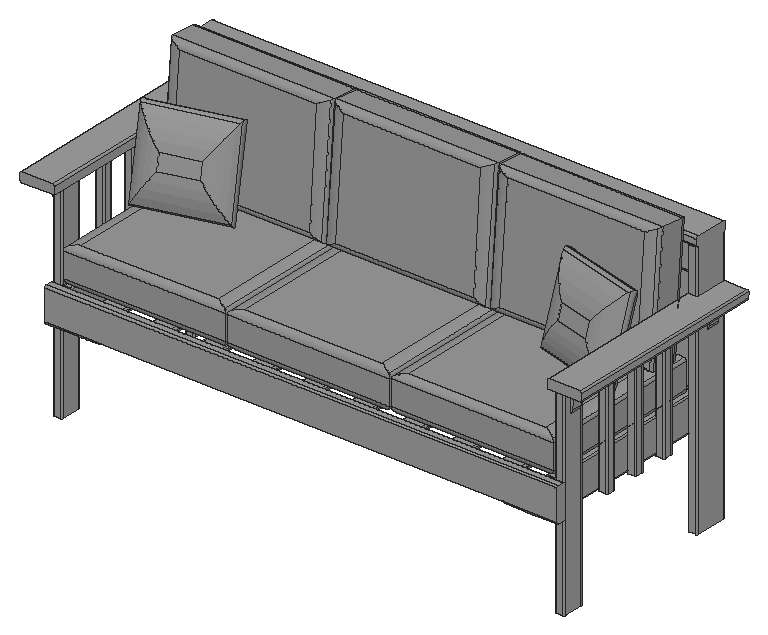
Revit family "Sean's Mission Couch", category Furniture, Revit 2013
Parameters
  Pillows Visible = yes
  Pillow Material = Leather, Dark Brown
  Cushion Material = Leather, Dark Brown
  Couch Frame Material = Red Oak Low Gloss
Reference planes
  plane 1 "Center Front/Back": y = 0
  plane 2: z = 0
  plane 3 "Center Left/Right": x = 0
  plane 4: x = -1143
  plane 5: x = 1143
  plane 6: y = 406.4
  plane 7: y = -444.5
  plane 8: y = -393.7
  plane 9: y = 304.8
  plane 10: x = -539.498
  plane 11: x = -979.684
  plane 12: y = -549.653
  plane 13: y = -990.174
  plane 14: z = -101.6
  plane 15: x = -878.084
  plane 16: x = -514.098
Forms (mm)
  Extrusion 1, solid, material "Red Oak Low Gloss" <- "Couch Frame Material"
    sketch origin (73.512, 0, 42.835) x (1, 0, 0) y (0, 0, 1)
      loop
        line (-1076.812, 439.765) -> (-1076.812, 312.765)
        arc (-1076.812, 312.765) -> (-1074.952, 308.275) -> (-1070.462, 306.415) r 6.35
        line (-1070.462, 306.415) -> (-1045.062, 306.415)
        arc (-1045.062, 306.415) -> (-1040.571, 308.275) -> (-1038.712, 312.765) r 6.35
        line (-1038.712, 312.765) -> (-1038.712, 439.765)
        arc (-1038.712, 439.765) -> (-1040.571, 444.255) -> (-1045.062, 446.115) r 6.35
        line (-1045.062, 446.115) -> (-1070.462, 446.115)
        arc (-1070.462, 446.115) -> (-1074.952, 444.255) -> (-1076.812, 439.765) r 6.35
    from -406.4 to 406.4
  Extrusion 2, solid, material "Red Oak Low Gloss" <- "Couch Frame Material"
    sketch origin (-73.512, 0, 42.835) x (-1, 0, 0) y (0, 0, -1)
      loop
        arc (-1076.812, -439.765) -> (-1074.952, -444.255) -> (-1070.462, -446.115) r 6.35
        line (-1070.462, -446.115) -> (-1045.062, -446.115)
        arc (-1045.062, -446.115) -> (-1040.571, -444.255) -> (-1038.712, -439.765) r 6.35
        line (-1038.712, -439.765) -> (-1038.712, -312.765)
        arc (-1038.712, -312.765) -> (-1040.571, -308.275) -> (-1045.062, -306.415) r 6.35
        line (-1045.062, -306.415) -> (-1070.462, -306.415)
        arc (-1070.462, -306.415) -> (-1074.952, -308.275) -> (-1076.812, -312.765) r 6.35
        line (-1076.812, -312.765) -> (-1076.812, -439.765)
    from -406.4 to 406.4
  Extrusion 3, solid, material "Red Oak Low Gloss" <- "Couch Frame Material"
    sketch origin (-896.005, -584.348, 54.728) x (1, 0, 0) y (0, 0, -1)
      loop
        arc (934.105, -415.172) -> (938.595, -413.312) -> (940.455, -408.822) r 6.35
        line (940.455, -408.822) -> (940.455, -402.472)
        arc (940.455, -402.472) -> (938.595, -397.982) -> (934.105, -396.122) r 6.35
        line (934.105, -396.122) -> (857.905, -396.122)
        arc (857.905, -396.122) -> (853.415, -397.982) -> (851.555, -402.472) r 6.35
        line (851.555, -402.472) -> (851.555, -408.822)
        arc (851.555, -408.822) -> (853.415, -413.312) -> (857.905, -415.172) r 6.35
        line (857.905, -415.172) -> (934.105, -415.172)
    from 190.648 to 889.148
  Extrusion 4, solid, material "Red Oak Low Gloss" <- "Couch Frame Material"
    sketch origin (-35.412, -39.715, 419.1) x (0, 1, 0) y (-1, 0, 0)
      loop
        arc (439.765, -1076.812) -> (444.255, -1074.952) -> (446.115, -1070.462) r 6.35
        line (446.115, -1070.462) -> (446.115, -1045.062)
        arc (446.115, -1045.062) -> (444.255, -1040.571) -> (439.765, -1038.712) r 6.35
        line (439.765, -1038.712) -> (312.765, -1038.712)
        arc (312.765, -1038.712) -> (308.275, -1040.571) -> (306.415, -1045.062) r 6.35
        line (306.415, -1045.062) -> (306.415, -1070.462)
        arc (306.415, -1070.462) -> (308.275, -1074.952) -> (312.765, -1076.812) r 6.35
        line (312.765, -1076.812) -> (439.765, -1076.812)
    from -419.1 to 628.65
  Extrusion 5, solid, material "Red Oak Low Gloss" <- "Couch Frame Material"
    sketch origin (35.412, -39.715, 419.1) x (0, -1, 0) y (1, 0, 0)
      loop
        line (-439.765, -1076.812) -> (-312.765, -1076.812)
        arc (-312.765, -1076.812) -> (-308.275, -1074.952) -> (-306.415, -1070.462) r 6.35
        line (-306.415, -1070.462) -> (-306.415, -1045.062)
        arc (-306.415, -1045.062) -> (-308.275, -1040.571) -> (-312.765, -1038.712) r 6.35
        line (-312.765, -1038.712) -> (-439.765, -1038.712)
        arc (-439.765, -1038.712) -> (-444.255, -1040.571) -> (-446.115, -1045.062) r 6.35
        line (-446.115, -1045.062) -> (-446.115, -1070.462)
        arc (-446.115, -1070.462) -> (-444.255, -1074.952) -> (-439.765, -1076.812) r 6.35
    from -419.1 to 628.65
  Extrusion 6, solid, material "Red Oak Low Gloss" <- "Couch Frame Material"
    sketch origin (234.95, 1394.312, 42.835) x (0, 1, 0) y (0, 0, -1)
      loop
        arc (-1076.812, -439.765) -> (-1074.952, -444.255) -> (-1070.462, -446.115) r 6.35
        line (-1070.462, -446.115) -> (-1045.062, -446.115)
        arc (-1045.062, -446.115) -> (-1040.571, -444.255) -> (-1038.712, -439.765) r 6.35
        line (-1038.712, -439.765) -> (-1038.712, -312.765)
        arc (-1038.712, -312.765) -> (-1040.571, -308.275) -> (-1045.062, -306.415) r 6.35
        line (-1045.062, -306.415) -> (-1070.462, -306.415)
        arc (-1070.462, -306.415) -> (-1074.952, -308.275) -> (-1076.812, -312.765) r 6.35
        line (-1076.812, -312.765) -> (-1076.812, -439.765)
    from -730.25 to 1200.15
  Extrusion 7, solid, material "Red Oak Low Gloss" <- "Couch Frame Material"
    sketch origin (234.95, 712.815, 2124.562) x (0, 0, 1) y (0, 1, 0)
      loop
        arc (-1076.812, -439.765) -> (-1074.952, -444.255) -> (-1070.462, -446.115) r 6.35
        line (-1070.462, -446.115) -> (-1045.062, -446.115)
        arc (-1045.062, -446.115) -> (-1040.571, -444.255) -> (-1038.712, -439.765) r 6.35
        line (-1038.712, -439.765) -> (-1038.712, -312.765)
        arc (-1038.712, -312.765) -> (-1040.571, -308.275) -> (-1045.062, -306.415) r 6.35
        line (-1045.062, -306.415) -> (-1070.462, -306.415)
        arc (-1070.462, -306.415) -> (-1074.952, -308.275) -> (-1076.812, -312.765) r 6.35
        line (-1076.812, -312.765) -> (-1076.812, -439.765)
    from -806.45 to 1276.35
  Extrusion 8, solid, material "Red Oak Low Gloss" <- "Couch Frame Material"
    sketch origin (234.95, 1394.312, 601.635) x (0, 1, 0) y (0, 0, -1)
      loop
        arc (-1076.812, -439.765) -> (-1074.952, -444.255) -> (-1070.462, -446.115) r 6.35
        line (-1070.462, -446.115) -> (-1045.062, -446.115)
        arc (-1045.062, -446.115) -> (-1040.571, -444.255) -> (-1038.712, -439.765) r 6.35
        line (-1038.712, -439.765) -> (-1038.712, -312.765)
        arc (-1038.712, -312.765) -> (-1040.571, -308.275) -> (-1045.062, -306.415) r 6.35
        line (-1045.062, -306.415) -> (-1070.462, -306.415)
        arc (-1070.462, -306.415) -> (-1074.952, -308.275) -> (-1076.812, -312.765) r 6.35
        line (-1076.812, -312.765) -> (-1076.812, -439.765)
    from -768.35 to 1238.25
  Extrusion 9, solid, material "Red Oak Low Gloss" <- "Couch Frame Material"
    sketch origin (1003.3, -809.625, 0) x (1, 0, 0) y (0, 1, 0)
      loop
        line (-6.35, 1155.7) -> (-279.4, 1155.7)
        arc (-279.4, 1155.7) -> (-283.89, 1153.84) -> (-285.75, 1149.35) r 6.35
        line (-285.75, 1149.35) -> (-285.75, 1143)
        arc (-285.75, 1143) -> (-283.89, 1138.51) -> (-279.4, 1136.65) r 6.35
        line (-279.4, 1136.65) -> (-6.35, 1136.65)
        arc (-6.35, 1136.65) -> (-1.86, 1138.51) -> (0, 1143) r 6.35
        line (0, 1143) -> (0, 1149.35)
        arc (0, 1149.35) -> (-1.86, 1153.84) -> (-6.35, 1155.7) r 6.35
    from 488.95 to 1047.75
  Extrusion 10, solid, material "Red Oak Low Gloss" <- "Couch Frame Material"
    sketch origin (-1003.3, -809.625, 0) x (-1, 0, 0) y (0, -1, 0)
      loop
        arc (-6.35, -1155.7) -> (-1.86, -1153.84) -> (0, -1149.35) r 6.35
        line (0, -1149.35) -> (0, -1143)
        arc (0, -1143) -> (-1.86, -1138.51) -> (-6.35, -1136.65) r 6.35
        line (-6.35, -1136.65) -> (-279.4, -1136.65)
        arc (-279.4, -1136.65) -> (-283.89, -1138.51) -> (-285.75, -1143) r 6.35
        line (-285.75, -1143) -> (-285.75, -1149.35)
        arc (-285.75, -1149.35) -> (-283.89, -1153.84) -> (-279.4, -1155.7) r 6.35
        line (-279.4, -1155.7) -> (-6.35, -1155.7)
    from 488.95 to 1047.75
  Extrusion 11, solid, material "Red Oak Low Gloss" <- "Couch Frame Material"
    sketch origin (-485.775, -809.625, 0) x (-1, 0, 0) y (0, -1, 0)
      loop
        arc (-136.377, -1155.7) -> (-131.887, -1153.84) -> (-130.027, -1149.35) r 6.35
        line (-130.027, -1149.35) -> (-130.027, -1143)
        arc (-130.027, -1143) -> (-131.887, -1138.51) -> (-136.377, -1136.65) r 6.35
        line (-136.377, -1136.65) -> (-212.577, -1136.65)
        arc (-212.577, -1136.65) -> (-217.067, -1138.51) -> (-218.927, -1143) r 6.35
        line (-218.927, -1143) -> (-218.927, -1149.35)
        arc (-218.927, -1149.35) -> (-217.067, -1153.84) -> (-212.577, -1155.7) r 6.35
        line (-212.577, -1155.7) -> (-136.377, -1155.7)
    from 488.95 to 1047.75
  Extrusion 12, solid, material "Red Oak Low Gloss" <- "Couch Frame Material"
    sketch origin (-653.902, -809.625, 0) x (-1, 0, 0) y (0, -1, 0)
      loop
        arc (-136.377, -1155.7) -> (-131.887, -1153.84) -> (-130.027, -1149.35) r 6.35
        line (-130.027, -1149.35) -> (-130.027, -1143)
        arc (-130.027, -1143) -> (-131.887, -1138.51) -> (-136.377, -1136.65) r 6.35
        line (-136.377, -1136.65) -> (-212.577, -1136.65)
        arc (-212.577, -1136.65) -> (-217.067, -1138.51) -> (-218.927, -1143) r 6.35
        line (-218.927, -1143) -> (-218.927, -1149.35)
        arc (-218.927, -1149.35) -> (-217.067, -1153.84) -> (-212.577, -1155.7) r 6.35
        line (-212.577, -1155.7) -> (-136.377, -1155.7)
    from 488.95 to 1047.75
  Extrusion 13, solid, material "Red Oak Low Gloss" <- "Couch Frame Material"
    sketch origin (485.775, -809.625, 0) x (1, 0, 0) y (0, 1, 0)
      loop
        line (-136.377, 1155.7) -> (-212.577, 1155.7)
        arc (-212.577, 1155.7) -> (-217.067, 1153.84) -> (-218.927, 1149.35) r 6.35
        line (-218.927, 1149.35) -> (-218.927, 1143)
        arc (-218.927, 1143) -> (-217.067, 1138.51) -> (-212.577, 1136.65) r 6.35
        line (-212.577, 1136.65) -> (-136.377, 1136.65)
        arc (-136.377, 1136.65) -> (-131.887, 1138.51) -> (-130.027, 1143) r 6.35
        line (-130.027, 1143) -> (-130.027, 1149.35)
        arc (-130.027, 1149.35) -> (-131.887, 1153.84) -> (-136.377, 1155.7) r 6.35
    from 488.95 to 1047.75
  Extrusion 14, solid, material "Red Oak Low Gloss" <- "Couch Frame Material"
    sketch origin (653.902, -809.625, 0) x (1, 0, 0) y (0, 1, 0)
      loop
        line (-136.377, 1155.7) -> (-212.577, 1155.7)
        arc (-212.577, 1155.7) -> (-217.067, 1153.84) -> (-218.927, 1149.35) r 6.35
        line (-218.927, 1149.35) -> (-218.927, 1143)
        arc (-218.927, 1143) -> (-217.067, 1138.51) -> (-212.577, 1136.65) r 6.35
        line (-212.577, 1136.65) -> (-136.377, 1136.65)
        arc (-136.377, 1136.65) -> (-131.887, 1138.51) -> (-130.027, 1143) r 6.35
        line (-130.027, 1143) -> (-130.027, 1149.35)
        arc (-130.027, 1149.35) -> (-131.887, 1153.84) -> (-136.377, 1155.7) r 6.35
    from 488.95 to 1047.75
  Extrusion 15, solid, material "Red Oak Low Gloss" <- "Couch Frame Material"
    sketch origin (-90.413, -809.625, 0) x (-1, 0, 0) y (0, -1, 0)
      loop
        arc (-136.377, -1155.7) -> (-131.887, -1153.84) -> (-130.027, -1149.35) r 6.35
        line (-130.027, -1149.35) -> (-130.027, -1143)
        arc (-130.027, -1143) -> (-131.887, -1138.51) -> (-136.377, -1136.65) r 6.35
        line (-136.377, -1136.65) -> (-212.577, -1136.65)
        arc (-212.577, -1136.65) -> (-217.067, -1138.51) -> (-218.927, -1143) r 6.35
        line (-218.927, -1143) -> (-218.927, -1149.35)
        arc (-218.927, -1149.35) -> (-217.067, -1153.84) -> (-212.577, -1155.7) r 6.35
        line (-212.577, -1155.7) -> (-136.377, -1155.7)
    from 488.95 to 1047.75
  Extrusion 16, solid, material "Red Oak Low Gloss" <- "Couch Frame Material"
    sketch origin (-258.54, -809.625, 0) x (-1, 0, 0) y (0, -1, 0)
      loop
        arc (-136.377, -1155.7) -> (-131.887, -1153.84) -> (-130.027, -1149.35) r 6.35
        line (-130.027, -1149.35) -> (-130.027, -1143)
        arc (-130.027, -1143) -> (-131.887, -1138.51) -> (-136.377, -1136.65) r 6.35
        line (-136.377, -1136.65) -> (-212.577, -1136.65)
        arc (-212.577, -1136.65) -> (-217.067, -1138.51) -> (-218.927, -1143) r 6.35
        line (-218.927, -1143) -> (-218.927, -1149.35)
        arc (-218.927, -1149.35) -> (-217.067, -1153.84) -> (-212.577, -1155.7) r 6.35
        line (-212.577, -1155.7) -> (-136.377, -1155.7)
    from 488.95 to 1047.75
  Extrusion 17, void
    sketch origin (0, -762, -285.75) x (1, 0, 0) y (0, 0, 1)
      loop
        line (-977.9, 1193.8) -> (977.9, 1193.8)
        arc (977.9, 1193.8) -> (0, 1219.2) -> (-977.9, 1193.8) r 18837.275
    from -1117.6 to -1079.5
  Extrusion 18, solid, material "Red Oak Low Gloss" <- "Couch Frame Material"
    sketch origin (63.5, -759.312, 80.935) x (0, -1, 0) y (0, 0, 1)
      loop
        line (-1076.812, 363.565) -> (-1076.812, 312.765)
        arc (-1076.812, 312.765) -> (-1074.952, 308.275) -> (-1070.462, 306.415) r 6.35
        line (-1070.462, 306.415) -> (-1045.062, 306.415)
        arc (-1045.062, 306.415) -> (-1040.571, 308.275) -> (-1038.712, 312.765) r 6.35
        line (-1038.712, 312.765) -> (-1038.712, 363.565)
        arc (-1038.712, 363.565) -> (-1040.571, 368.055) -> (-1045.062, 369.915) r 6.35
        line (-1045.062, 369.915) -> (-1070.462, 369.915)
        arc (-1070.462, 369.915) -> (-1074.952, 368.055) -> (-1076.812, 363.565) r 6.35
    from -901.7 to 1028.7
  Extrusion 19, solid, material "Red Oak Low Gloss" <- "Couch Frame Material"
    sketch origin (-35.412, 39.715, 419.1) x (0, 1, 0) y (-1, 0, 0)
      loop
        line (-439.765, -1076.812) -> (-363.565, -1076.812)
        arc (-363.565, -1076.812) -> (-359.075, -1074.952) -> (-357.215, -1070.462) r 6.35
        line (-357.215, -1070.462) -> (-357.215, -1045.062)
        arc (-357.215, -1045.062) -> (-359.075, -1040.571) -> (-363.565, -1038.712) r 6.35
        line (-363.565, -1038.712) -> (-439.765, -1038.712)
        arc (-439.765, -1038.712) -> (-444.255, -1040.571) -> (-446.115, -1045.062) r 6.35
        line (-446.115, -1045.062) -> (-446.115, -1070.462)
        arc (-446.115, -1070.462) -> (-444.255, -1074.952) -> (-439.765, -1076.812) r 6.35
    from -419.1 to 412.75
  Extrusion 20, solid, material "Red Oak Low Gloss" <- "Couch Frame Material"
    sketch origin (234.95, -1483.212, 42.835) x (0, -1, 0) y (0, 0, 1)
      loop
        line (-1076.812, 439.765) -> (-1076.812, 312.765)
        arc (-1076.812, 312.765) -> (-1074.952, 308.275) -> (-1070.462, 306.415) r 6.35
        line (-1070.462, 306.415) -> (-1045.062, 306.415)
        arc (-1045.062, 306.415) -> (-1040.571, 308.275) -> (-1038.712, 312.765) r 6.35
        line (-1038.712, 312.765) -> (-1038.712, 439.765)
        arc (-1038.712, 439.765) -> (-1040.571, 444.255) -> (-1045.062, 446.115) r 6.35
        line (-1045.062, 446.115) -> (-1070.462, 446.115)
        arc (-1070.462, 446.115) -> (-1074.952, 444.255) -> (-1076.812, 439.765) r 6.35
    from -806.45 to 1276.35
  Extrusion 21, solid, material "Red Oak Low Gloss" <- "Couch Frame Material"
    sketch origin (63.5, 670.412, 80.935) x (0, 1, 0) y (0, 0, -1)
      loop
        arc (-1076.812, -363.565) -> (-1074.952, -368.055) -> (-1070.462, -369.915) r 6.35
        line (-1070.462, -369.915) -> (-1045.062, -369.915)
        arc (-1045.062, -369.915) -> (-1040.571, -368.055) -> (-1038.712, -363.565) r 6.35
        line (-1038.712, -363.565) -> (-1038.712, -312.765)
        arc (-1038.712, -312.765) -> (-1040.571, -308.275) -> (-1045.062, -306.415) r 6.35
        line (-1045.062, -306.415) -> (-1070.462, -306.415)
        arc (-1070.462, -306.415) -> (-1074.952, -308.275) -> (-1076.812, -312.765) r 6.35
        line (-1076.812, -312.765) -> (-1076.812, -363.565)
    from -901.7 to 1028.7
  Extrusion 22, solid, material "Red Oak Low Gloss" <- "Couch Frame Material"
    sketch origin (-692.805, -584.348, 54.728) x (1, 0, 0) y (0, 0, -1)
      loop
        arc (934.105, -415.172) -> (938.595, -413.312) -> (940.455, -408.822) r 6.35
        line (940.455, -408.822) -> (940.455, -402.472)
        arc (940.455, -402.472) -> (938.595, -397.982) -> (934.105, -396.122) r 6.35
        line (934.105, -396.122) -> (857.905, -396.122)
        arc (857.905, -396.122) -> (853.415, -397.982) -> (851.555, -402.472) r 6.35
        line (851.555, -402.472) -> (851.555, -408.822)
        arc (851.555, -408.822) -> (853.415, -413.312) -> (857.905, -415.172) r 6.35
        line (857.905, -415.172) -> (934.105, -415.172)
    from 190.648 to 889.148
  Extrusion 23, solid, material "Red Oak Low Gloss" <- "Couch Frame Material"
    sketch origin (-489.605, -584.348, 54.728) x (1, 0, 0) y (0, 0, -1)
      loop
        arc (934.105, -415.172) -> (938.595, -413.312) -> (940.455, -408.822) r 6.35
        line (940.455, -408.822) -> (940.455, -402.472)
        arc (940.455, -402.472) -> (938.595, -397.982) -> (934.105, -396.122) r 6.35
        line (934.105, -396.122) -> (857.905, -396.122)
        arc (857.905, -396.122) -> (853.415, -397.982) -> (851.555, -402.472) r 6.35
        line (851.555, -402.472) -> (851.555, -408.822)
        arc (851.555, -408.822) -> (853.415, -413.312) -> (857.905, -415.172) r 6.35
        line (857.905, -415.172) -> (934.105, -415.172)
    from 190.648 to 889.148
  Extrusion 24, solid, material "Red Oak Low Gloss" <- "Couch Frame Material"
    sketch origin (-286.405, -584.348, 54.728) x (1, 0, 0) y (0, 0, -1)
      loop
        arc (934.105, -415.172) -> (938.595, -413.312) -> (940.455, -408.822) r 6.35
        line (940.455, -408.822) -> (940.455, -402.472)
        arc (940.455, -402.472) -> (938.595, -397.982) -> (934.105, -396.122) r 6.35
        line (934.105, -396.122) -> (857.905, -396.122)
        arc (857.905, -396.122) -> (853.415, -397.982) -> (851.555, -402.472) r 6.35
        line (851.555, -402.472) -> (851.555, -408.822)
        arc (851.555, -408.822) -> (853.415, -413.312) -> (857.905, -415.172) r 6.35
        line (857.905, -415.172) -> (934.105, -415.172)
    from 190.648 to 889.148
  Extrusion 25, solid, material "Red Oak Low Gloss" <- "Couch Frame Material"
    sketch origin (-83.205, -584.348, 54.728) x (1, 0, 0) y (0, 0, -1)
      loop
        arc (934.105, -415.172) -> (938.595, -413.312) -> (940.455, -408.822) r 6.35
        line (940.455, -408.822) -> (940.455, -402.472)
        arc (940.455, -402.472) -> (938.595, -397.982) -> (934.105, -396.122) r 6.35
        line (934.105, -396.122) -> (857.905, -396.122)
        arc (857.905, -396.122) -> (853.415, -397.982) -> (851.555, -402.472) r 6.35
        line (851.555, -402.472) -> (851.555, -408.822)
        arc (851.555, -408.822) -> (853.415, -413.312) -> (857.905, -415.172) r 6.35
        line (857.905, -415.172) -> (934.105, -415.172)
    from 190.648 to 889.148
  Extrusion 26, solid, material "Red Oak Low Gloss" <- "Couch Frame Material"
    sketch origin (692.805, -584.348, 54.728) x (-1, 0, 0) y (0, 0, 1)
      loop
        line (934.105, 415.172) -> (857.905, 415.172)
        arc (857.905, 415.172) -> (853.415, 413.312) -> (851.555, 408.822) r 6.35
        line (851.555, 408.822) -> (851.555, 402.472)
        arc (851.555, 402.472) -> (853.415, 397.982) -> (857.905, 396.122) r 6.35
        line (857.905, 396.122) -> (934.105, 396.122)
        arc (934.105, 396.122) -> (938.595, 397.982) -> (940.455, 402.472) r 6.35
        line (940.455, 402.472) -> (940.455, 408.822)
        arc (940.455, 408.822) -> (938.595, 413.312) -> (934.105, 415.172) r 6.35
    from 190.648 to 889.148
  Extrusion 27, solid, material "Red Oak Low Gloss" <- "Couch Frame Material"
    sketch origin (489.605, -584.348, 54.728) x (-1, 0, 0) y (0, 0, 1)
      loop
        line (934.105, 415.172) -> (857.905, 415.172)
        arc (857.905, 415.172) -> (853.415, 413.312) -> (851.555, 408.822) r 6.35
        line (851.555, 408.822) -> (851.555, 402.472)
        arc (851.555, 402.472) -> (853.415, 397.982) -> (857.905, 396.122) r 6.35
        line (857.905, 396.122) -> (934.105, 396.122)
        arc (934.105, 396.122) -> (938.595, 397.982) -> (940.455, 402.472) r 6.35
        line (940.455, 402.472) -> (940.455, 408.822)
        arc (940.455, 408.822) -> (938.595, 413.312) -> (934.105, 415.172) r 6.35
    from 190.648 to 889.148
  Extrusion 28, solid, material "Red Oak Low Gloss" <- "Couch Frame Material"
    sketch origin (286.405, -584.348, 54.728) x (-1, 0, 0) y (0, 0, 1)
      loop
        line (934.105, 415.172) -> (857.905, 415.172)
        arc (857.905, 415.172) -> (853.415, 413.312) -> (851.555, 408.822) r 6.35
        line (851.555, 408.822) -> (851.555, 402.472)
        arc (851.555, 402.472) -> (853.415, 397.982) -> (857.905, 396.122) r 6.35
        line (857.905, 396.122) -> (934.105, 396.122)
        arc (934.105, 396.122) -> (938.595, 397.982) -> (940.455, 402.472) r 6.35
        line (940.455, 402.472) -> (940.455, 408.822)
        arc (940.455, 408.822) -> (938.595, 413.312) -> (934.105, 415.172) r 6.35
    from 190.648 to 889.148
  Extrusion 29, solid, material "Red Oak Low Gloss" <- "Couch Frame Material"
    sketch origin (83.205, -584.348, 54.728) x (-1, 0, 0) y (0, 0, 1)
      loop
        line (934.105, 415.172) -> (857.905, 415.172)
        arc (857.905, 415.172) -> (853.415, 413.312) -> (851.555, 408.822) r 6.35
        line (851.555, 408.822) -> (851.555, 402.472)
        arc (851.555, 402.472) -> (853.415, 397.982) -> (857.905, 396.122) r 6.35
        line (857.905, 396.122) -> (934.105, 396.122)
        arc (934.105, 396.122) -> (938.595, 397.982) -> (940.455, 402.472) r 6.35
        line (940.455, 402.472) -> (940.455, 408.822)
        arc (940.455, 408.822) -> (938.595, 413.312) -> (934.105, 415.172) r 6.35
    from 190.648 to 889.148
  Extrusion 30, void
    sketch origin (0, 0, 0) x (1, 0, 0) y (0, 0, 1)
      loop
        arc (939.8, 349.25) -> (0, 374.65) -> (-939.8, 349.25) r 17399
        line (-939.8, 349.25) -> (939.8, 349.25)
    from 406.4 to 444.5
  Extrusion 31, solid, material "Red Oak Low Gloss" <- "Couch Frame Material"
    sketch origin (35.412, 39.715, 419.1) x (0, -1, 0) y (1, 0, 0)
      loop
        arc (439.765, -1076.812) -> (444.255, -1074.952) -> (446.115, -1070.462) r 6.35
        line (446.115, -1070.462) -> (446.115, -1045.062)
        arc (446.115, -1045.062) -> (444.255, -1040.571) -> (439.765, -1038.712) r 6.35
        line (439.765, -1038.712) -> (363.565, -1038.712)
        arc (363.565, -1038.712) -> (359.075, -1040.571) -> (357.215, -1045.062) r 6.35
        line (357.215, -1045.062) -> (357.215, -1070.462)
        arc (357.215, -1070.462) -> (359.075, -1074.952) -> (363.565, -1076.812) r 6.35
        line (363.565, -1076.812) -> (439.765, -1076.812)
    from -419.1 to 412.75
  Extrusion 32, void
    sketch origin (0, 762, 0) x (1, 0, 0) y (0, 0, 1)
      loop
        arc (939.8, 349.25) -> (0, 374.65) -> (-939.8, 349.25) r 17399
        line (-939.8, 349.25) -> (939.8, 349.25)
    from 406.4 to 444.5
  Extrusion 33, solid, material "Red Oak Low Gloss" <- "Couch Frame Material"
    sketch origin (0, -342.9, -215.9) x (-1, 0, 0) y (0, 0, -1)
      loop
        line (1041.4, -1047.75) -> (1079.5, -1047.75)
        arc (1079.5, -1047.75) -> (1060.575, -1005.079) -> (1054.1, -958.85) r 168.275
        arc (1054.1, -958.85) -> (1050.38, -949.87) -> (1041.4, -946.15) r 12.7
        line (1041.4, -946.15) -> (1041.4, -1047.75)
    from 0 to 38.1
  Extrusion 34, solid, material "Red Oak Low Gloss" <- "Couch Frame Material"
    sketch origin (0, 317.5, -215.9) x (-1, 0, 0) y (0, 0, 1)
      loop
        line (1041.4, 1047.75) -> (1041.4, 946.15)
        arc (1041.4, 946.15) -> (1050.38, 949.87) -> (1054.1, 958.85) r 12.7
        arc (1054.1, 958.85) -> (1060.575, 1005.079) -> (1079.5, 1047.75) r 168.275
        line (1079.5, 1047.75) -> (1041.4, 1047.75)
    from 0 to 38.1
  Extrusion 35, solid, material "Red Oak Low Gloss" <- "Couch Frame Material"
    sketch origin (35.412, 255.615, 419.1) x (0, -1, 0) y (1, 0, 0)
      loop
        arc (439.765, -1076.812) -> (444.255, -1074.952) -> (446.115, -1070.462) r 6.35
        line (446.115, -1070.462) -> (446.115, -1045.062)
        arc (446.115, -1045.062) -> (444.255, -1040.571) -> (439.765, -1038.712) r 6.35
        line (439.765, -1038.712) -> (414.365, -1038.712)
        arc (414.365, -1038.712) -> (409.875, -1040.571) -> (408.015, -1045.062) r 6.35
        line (408.015, -1045.062) -> (408.015, -1070.462)
        arc (408.015, -1070.462) -> (409.875, -1074.952) -> (414.365, -1076.812) r 6.35
        line (414.365, -1076.812) -> (439.765, -1076.812)
    from -69.85 to 412.75
  Extrusion 36, solid, material "Red Oak Low Gloss" <- "Couch Frame Material"
    sketch origin (35.412, 547.715, 419.1) x (0, -1, 0) y (1, 0, 0)
      loop
        arc (439.765, -1076.812) -> (444.255, -1074.952) -> (446.115, -1070.462) r 6.35
        line (446.115, -1070.462) -> (446.115, -1045.062)
        arc (446.115, -1045.062) -> (444.255, -1040.571) -> (439.765, -1038.712) r 6.35
        line (439.765, -1038.712) -> (414.365, -1038.712)
        arc (414.365, -1038.712) -> (409.875, -1040.571) -> (408.015, -1045.062) r 6.35
        line (408.015, -1045.062) -> (408.015, -1070.462)
        arc (408.015, -1070.462) -> (409.875, -1074.952) -> (414.365, -1076.812) r 6.35
        line (414.365, -1076.812) -> (439.765, -1076.812)
    from -69.85 to 412.75
  Extrusion 37, solid, material "Red Oak Low Gloss" <- "Couch Frame Material"
    sketch origin (35.412, 401.665, 419.1) x (0, -1, 0) y (1, 0, 0)
      loop
        arc (439.765, -1076.812) -> (444.255, -1074.952) -> (446.115, -1070.462) r 6.35
        line (446.115, -1070.462) -> (446.115, -1045.062)
        arc (446.115, -1045.062) -> (444.255, -1040.571) -> (439.765, -1038.712) r 6.35
        line (439.765, -1038.712) -> (414.365, -1038.712)
        arc (414.365, -1038.712) -> (409.875, -1040.571) -> (408.015, -1045.062) r 6.35
        line (408.015, -1045.062) -> (408.015, -1070.462)
        arc (408.015, -1070.462) -> (409.875, -1074.952) -> (414.365, -1076.812) r 6.35
        line (414.365, -1076.812) -> (439.765, -1076.812)
    from -69.85 to 412.75
  Extrusion 38, solid, material "Red Oak Low Gloss" <- "Couch Frame Material"
    sketch origin (0, 0, 0) x (1, 0, 0) y (0, 0, 1)
      loop
        line (-1003.3, 831.85) -> (-1003.3, 863.6)
        arc (-1003.3, 863.6) -> (-1005.16, 868.09) -> (-1009.65, 869.95) r 6.35
        line (-1009.65, 869.95) -> (-1136.65, 869.95)
        arc (-1136.65, 869.95) -> (-1141.14, 868.09) -> (-1143, 863.6) r 6.35
        line (-1143, 863.6) -> (-1143, 838.2)
        arc (-1143, 838.2) -> (-1141.14, 833.71) -> (-1136.65, 831.85) r 6.35
        line (-1136.65, 831.85) -> (-1003.3, 831.85)
    from -400.05 to 444.5
  Extrusion 39, void
    sketch origin (0, 0, 0) x (1, 0, 0) y (0, 0, 1)
      loop
        arc (-1003.3, 349.25) -> (-1012.28, 352.97) -> (-1016, 361.95) r 12.7
        arc (-1016, 361.95) -> (-1022.475, 408.179) -> (-1041.4, 450.85) r 168.275
        line (-1041.4, 450.85) -> (-1041.4, 349.25) -> (-1003.3, 349.25)
    from 152.4 to 190.5
  Extrusion 40, void
    sketch origin (0, 146.05, 0) x (1, 0, 0) y (0, 0, 1)
      loop
        arc (-1003.3, 349.25) -> (-1012.28, 352.97) -> (-1016, 361.95) r 12.7
        arc (-1016, 361.95) -> (-1022.475, 408.179) -> (-1041.4, 450.85) r 168.275
        line (-1041.4, 450.85) -> (-1041.4, 349.25) -> (-1003.3, 349.25)
    from 152.4 to 190.5
  Extrusion 41, void
    sketch origin (0, 292.1, 0) x (1, 0, 0) y (0, 0, 1)
      loop
        arc (-1003.3, 349.25) -> (-1012.28, 352.97) -> (-1016, 361.95) r 12.7
        arc (-1016, 361.95) -> (-1022.475, 408.179) -> (-1041.4, 450.85) r 168.275
        line (-1041.4, 450.85) -> (-1041.4, 349.25) -> (-1003.3, 349.25)
    from 152.4 to 190.5
  Extrusion 42, solid, material "Red Oak Low Gloss" <- "Couch Frame Material"
    sketch origin (0, -342.9, -215.9) x (1, 0, 0) y (0, 0, 1)
      loop
        line (1041.4, 1047.75) -> (1041.4, 946.15)
        arc (1041.4, 946.15) -> (1050.38, 949.87) -> (1054.1, 958.85) r 12.7
        arc (1054.1, 958.85) -> (1060.575, 1005.079) -> (1079.5, 1047.75) r 168.275
        line (1079.5, 1047.75) -> (1041.4, 1047.75)
    from 0 to 38.1
  Extrusion 43, solid, material "Red Oak Low Gloss" <- "Couch Frame Material"
    sketch origin (0, 317.5, -215.9) x (1, 0, 0) y (0, 0, -1)
      loop
        line (1041.4, -1047.75) -> (1079.5, -1047.75)
        arc (1079.5, -1047.75) -> (1060.575, -1005.079) -> (1054.1, -958.85) r 168.275
        arc (1054.1, -958.85) -> (1050.38, -949.87) -> (1041.4, -946.15) r 12.7
        line (1041.4, -946.15) -> (1041.4, -1047.75)
    from 0 to 38.1
  Extrusion 44, solid, material "Red Oak Low Gloss" <- "Couch Frame Material"
    sketch origin (-35.412, 255.615, 419.1) x (0, 1, 0) y (-1, 0, 0)
      loop
        line (-439.765, -1076.812) -> (-414.365, -1076.812)
        arc (-414.365, -1076.812) -> (-409.875, -1074.952) -> (-408.015, -1070.462) r 6.35
        line (-408.015, -1070.462) -> (-408.015, -1045.062)
        arc (-408.015, -1045.062) -> (-409.875, -1040.571) -> (-414.365, -1038.712) r 6.35
        line (-414.365, -1038.712) -> (-439.765, -1038.712)
        arc (-439.765, -1038.712) -> (-444.255, -1040.571) -> (-446.115, -1045.062) r 6.35
        line (-446.115, -1045.062) -> (-446.115, -1070.462)
        arc (-446.115, -1070.462) -> (-444.255, -1074.952) -> (-439.765, -1076.812) r 6.35
    from -69.85 to 412.75
  Extrusion 45, solid, material "Red Oak Low Gloss" <- "Couch Frame Material"
    sketch origin (-35.412, 547.715, 419.1) x (0, 1, 0) y (-1, 0, 0)
      loop
        line (-439.765, -1076.812) -> (-414.365, -1076.812)
        arc (-414.365, -1076.812) -> (-409.875, -1074.952) -> (-408.015, -1070.462) r 6.35
        line (-408.015, -1070.462) -> (-408.015, -1045.062)
        arc (-408.015, -1045.062) -> (-409.875, -1040.571) -> (-414.365, -1038.712) r 6.35
        line (-414.365, -1038.712) -> (-439.765, -1038.712)
        arc (-439.765, -1038.712) -> (-444.255, -1040.571) -> (-446.115, -1045.062) r 6.35
        line (-446.115, -1045.062) -> (-446.115, -1070.462)
        arc (-446.115, -1070.462) -> (-444.255, -1074.952) -> (-439.765, -1076.812) r 6.35
    from -69.85 to 412.75
  Extrusion 46, solid, material "Red Oak Low Gloss" <- "Couch Frame Material"
    sketch origin (-35.412, 401.665, 419.1) x (0, 1, 0) y (-1, 0, 0)
      loop
        line (-439.765, -1076.812) -> (-414.365, -1076.812)
        arc (-414.365, -1076.812) -> (-409.875, -1074.952) -> (-408.015, -1070.462) r 6.35
        line (-408.015, -1070.462) -> (-408.015, -1045.062)
        arc (-408.015, -1045.062) -> (-409.875, -1040.571) -> (-414.365, -1038.712) r 6.35
        line (-414.365, -1038.712) -> (-439.765, -1038.712)
        arc (-439.765, -1038.712) -> (-444.255, -1040.571) -> (-446.115, -1045.062) r 6.35
        line (-446.115, -1045.062) -> (-446.115, -1070.462)
        arc (-446.115, -1070.462) -> (-444.255, -1074.952) -> (-439.765, -1076.812) r 6.35
    from -69.85 to 412.75
  Extrusion 47, solid, material "Red Oak Low Gloss" <- "Couch Frame Material"
    sketch origin (0, 0, 0) x (-1, 0, 0) y (0, 0, -1)
      loop
        line (-1003.3, -831.85) -> (-1136.65, -831.85)
        arc (-1136.65, -831.85) -> (-1141.14, -833.71) -> (-1143, -838.2) r 6.35
        line (-1143, -838.2) -> (-1143, -863.6)
        arc (-1143, -863.6) -> (-1141.14, -868.09) -> (-1136.65, -869.95) r 6.35
        line (-1136.65, -869.95) -> (-1009.65, -869.95)
        arc (-1009.65, -869.95) -> (-1005.16, -868.09) -> (-1003.3, -863.6) r 6.35
        line (-1003.3, -863.6) -> (-1003.3, -831.85)
    from -400.05 to 444.5
  Extrusion 48, void
    sketch origin (0, 0, 0) x (-1, 0, 0) y (0, 0, -1)
      loop
        line (-1003.3, -349.25) -> (-1041.4, -349.25) -> (-1041.4, -450.85)
        arc (-1041.4, -450.85) -> (-1022.475, -408.179) -> (-1016, -361.95) r 168.275
        arc (-1016, -361.95) -> (-1012.28, -352.97) -> (-1003.3, -349.25) r 12.7
    from 152.4 to 190.5
  Extrusion 49, void
    sketch origin (0, 146.05, 0) x (-1, 0, 0) y (0, 0, -1)
      loop
        line (-1003.3, -349.25) -> (-1041.4, -349.25) -> (-1041.4, -450.85)
        arc (-1041.4, -450.85) -> (-1022.475, -408.179) -> (-1016, -361.95) r 168.275
        arc (-1016, -361.95) -> (-1012.28, -352.97) -> (-1003.3, -349.25) r 12.7
    from 152.4 to 190.5
  Extrusion 50, void
    sketch origin (0, 292.1, 0) x (-1, 0, 0) y (0, 0, -1)
      loop
        line (-1003.3, -349.25) -> (-1041.4, -349.25) -> (-1041.4, -450.85)
        arc (-1041.4, -450.85) -> (-1022.475, -408.179) -> (-1016, -361.95) r 168.275
        arc (-1016, -361.95) -> (-1012.28, -352.97) -> (-1003.3, -349.25) r 12.7
    from 152.4 to 190.5
  Extrusion 51, solid, material "Leather, Dark Brown" <- "Cushion Material"
    sketch origin (6.35, 0, 0) x (1, 0, 0) y (0, 0, 1)
      loop
        line (-952.5, 488.95) -> (-393.7, 488.95)
        arc (-393.7, 488.95) -> (-371.475, 491.876) -> (-350.765, 500.455) r 85.871
        arc (-350.765, 500.455) -> (-344.939, 506.331) -> (-342.9, 514.35) r 15.734
        line (-342.9, 514.35) -> (-342.9, 615.95)
        arc (-342.9, 615.95) -> (-344.939, 623.969) -> (-350.765, 629.845) r 15.734
        arc (-350.765, 629.845) -> (-371.475, 638.424) -> (-393.7, 641.35) r 85.871
        line (-393.7, 641.35) -> (-952.5, 641.35)
        arc (-952.5, 641.35) -> (-974.725, 638.424) -> (-995.435, 629.845) r 85.871
        arc (-995.435, 629.845) -> (-1001.261, 623.969) -> (-1003.3, 615.95) r 15.734
        line (-1003.3, 615.95) -> (-1003.3, 514.35)
        arc (-1003.3, 514.35) -> (-1001.261, 506.331) -> (-995.435, 500.455) r 15.734
        arc (-995.435, 500.455) -> (-974.725, 491.876) -> (-952.5, 488.95) r 85.871
    from -266.7 to 406.4
  Extrusion 52, solid, material "Leather, Dark Brown" <- "Cushion Material"
    sketch origin (1339.85, 0, 0) x (1, 0, 0) y (0, 0, 1)
      loop
        line (-952.5, 488.95) -> (-393.7, 488.95)
        arc (-393.7, 488.95) -> (-371.475, 491.876) -> (-350.765, 500.455) r 85.871
        arc (-350.765, 500.455) -> (-344.939, 506.331) -> (-342.9, 514.35) r 15.734
        line (-342.9, 514.35) -> (-342.9, 615.95)
        arc (-342.9, 615.95) -> (-344.939, 623.969) -> (-350.765, 629.845) r 15.734
        arc (-350.765, 629.845) -> (-371.475, 638.424) -> (-393.7, 641.35) r 85.871
        line (-393.7, 641.35) -> (-952.5, 641.35)
        arc (-952.5, 641.35) -> (-974.725, 638.424) -> (-995.435, 629.845) r 85.871
        arc (-995.435, 629.845) -> (-1001.261, 623.969) -> (-1003.3, 615.95) r 15.734
        line (-1003.3, 615.95) -> (-1003.3, 514.35)
        arc (-1003.3, 514.35) -> (-1001.261, 506.331) -> (-995.435, 500.455) r 15.734
        arc (-995.435, 500.455) -> (-974.725, 491.876) -> (-952.5, 488.95) r 85.871
    from -266.7 to 406.4
  Extrusion 53, solid, material "Leather, Dark Brown" <- "Cushion Material"
    sketch origin (673.1, 0, 0) x (1, 0, 0) y (0, 0, 1)
      loop
        line (-952.5, 488.95) -> (-393.7, 488.95)
        arc (-393.7, 488.95) -> (-371.475, 491.876) -> (-350.765, 500.455) r 85.871
        arc (-350.765, 500.455) -> (-344.939, 506.331) -> (-342.9, 514.35) r 15.734
        line (-342.9, 514.35) -> (-342.9, 615.95)
        arc (-342.9, 615.95) -> (-344.939, 623.969) -> (-350.765, 629.845) r 15.734
        arc (-350.765, 629.845) -> (-371.475, 638.424) -> (-393.7, 641.35) r 85.871
        line (-393.7, 641.35) -> (-952.5, 641.35)
        arc (-952.5, 641.35) -> (-974.725, 638.424) -> (-995.435, 629.845) r 85.871
        arc (-995.435, 629.845) -> (-1001.261, 623.969) -> (-1003.3, 615.95) r 15.734
        line (-1003.3, 615.95) -> (-1003.3, 514.35)
        arc (-1003.3, 514.35) -> (-1001.261, 506.331) -> (-995.435, 500.455) r 15.734
        arc (-995.435, 500.455) -> (-974.725, 491.876) -> (-952.5, 488.95) r 85.871
    from -266.7 to 406.4
  Extrusion 54, void
    sketch origin (666.75, 0, 0) x (0, 1, 0) y (0, 0, 1)
      loop
        arc (-406.4, 615.95) -> (-398.961, 633.911) -> (-381, 641.35) r 25.4
        line (-381, 641.35) -> (-406.4, 641.35) -> (-406.4, 615.95)
    from -1670.05 to 336.55
  Extrusion 55, void
    sketch origin (666.75, 0, 25.4) x (0, 1, 0) y (0, 0, 1)
      loop
        line (266.7, 615.95) -> (241.3, 615.95)
        arc (241.3, 615.95) -> (259.261, 608.511) -> (266.7, 590.55) r 25.4
        line (266.7, 590.55) -> (266.7, 615.95)
    from -1670.05 to 336.55
  Extrusion 56, void
    sketch origin (666.75, 0, 0) x (0, 1, 0) y (0, 0, 1)
      loop
        line (-406.4, 488.95) -> (-381, 488.95)
        arc (-381, 488.95) -> (-398.961, 496.389) -> (-406.4, 514.35) r 25.4
        line (-406.4, 514.35) -> (-406.4, 488.95)
    from -1670.05 to 336.55
  Extrusion 57, void
    sketch origin (1333.5, 0, 0) x (0, 1, 0) y (0, 0, 1)
      loop
        line (266.7, 488.95) -> (266.7, 514.35)
        arc (266.7, 514.35) -> (259.261, 496.389) -> (241.3, 488.95) r 25.4
        line (241.3, 488.95) -> (266.7, 488.95)
    from -2336.8 to -330.2
  Extrusion 58, solid, material "Leather, Dark Brown" <- "Cushion Material"
    sketch origin (1339.85, -384.937, 962.3) x (1, 0, 0) y (0, 0.996195, -0.087156)
      loop
        line (-952.5, 488.95) -> (-393.7, 488.95)
        arc (-393.7, 488.95) -> (-371.475, 491.876) -> (-350.765, 500.455) r 85.871
        arc (-350.765, 500.455) -> (-344.939, 506.331) -> (-342.9, 514.35) r 15.734
        line (-342.9, 514.35) -> (-342.9, 615.95)
        arc (-342.9, 615.95) -> (-344.939, 623.969) -> (-350.765, 629.845) r 15.734
        arc (-350.765, 629.845) -> (-371.475, 638.424) -> (-393.7, 641.35) r 85.871
        line (-393.7, 641.35) -> (-952.5, 641.35)
        arc (-952.5, 641.35) -> (-974.725, 638.424) -> (-995.435, 629.845) r 85.871
        arc (-995.435, 629.845) -> (-1001.261, 623.969) -> (-1003.3, 615.95) r 15.734
        line (-1003.3, 615.95) -> (-1003.3, 514.35)
        arc (-1003.3, 514.35) -> (-1001.261, 506.331) -> (-995.435, 500.455) r 15.734
        arc (-995.435, 500.455) -> (-974.725, 491.876) -> (-952.5, 488.95) r 85.871
    from -266.7 to 241.3
  Extrusion 59, void
    sketch origin (1333.5, -399.382, 797.2) x (0, -0.087156, -0.996195) y (0, 0.996195, -0.087156)
      loop
        line (-407.031, 488.95) -> (-381.631, 488.95)
        arc (-381.631, 488.95) -> (-399.591, 496.389) -> (-407.031, 514.35) r 25.4
        line (-407.031, 514.35) -> (-407.031, 488.95)
    from -2336.8 to -330.2
  Extrusion 60, solid, material "Leather, Dark Brown" <- "Cushion Material"
    sketch origin (673.1, -384.937, 962.3) x (1, 0, 0) y (0, 0.996195, -0.087156)
      loop
        line (-952.5, 488.95) -> (-393.7, 488.95)
        arc (-393.7, 488.95) -> (-371.475, 491.876) -> (-350.765, 500.455) r 85.871
        arc (-350.765, 500.455) -> (-344.939, 506.331) -> (-342.9, 514.35) r 15.734
        line (-342.9, 514.35) -> (-342.9, 615.95)
        arc (-342.9, 615.95) -> (-344.939, 623.969) -> (-350.765, 629.845) r 15.734
        arc (-350.765, 629.845) -> (-371.475, 638.424) -> (-393.7, 641.35) r 85.871
        line (-393.7, 641.35) -> (-952.5, 641.35)
        arc (-952.5, 641.35) -> (-974.725, 638.424) -> (-995.435, 629.845) r 85.871
        arc (-995.435, 629.845) -> (-1001.261, 623.969) -> (-1003.3, 615.95) r 15.734
        line (-1003.3, 615.95) -> (-1003.3, 514.35)
        arc (-1003.3, 514.35) -> (-1001.261, 506.331) -> (-995.435, 500.455) r 15.734
        arc (-995.435, 500.455) -> (-974.725, 491.876) -> (-952.5, 488.95) r 85.871
    from -266.7 to 241.3
  Extrusion 61, void
    sketch origin (666.75, -399.382, 797.2) x (0, -0.087156, -0.996195) y (0, 0.996195, -0.087156)
      loop
        arc (-407.031, 615.95) -> (-399.591, 633.911) -> (-381.631, 641.35) r 25.4
        line (-381.631, 641.35) -> (-407.031, 641.35) -> (-407.031, 615.95)
    from -1670.05 to 336.55
  Extrusion 62, void
    sketch origin (666.75, -359.634, 960.086) x (0, -0.087156, -0.996195) y (0, 0.996195, -0.087156)
      loop
        line (266.7, 615.95) -> (241.3, 615.95)
        arc (241.3, 615.95) -> (259.261, 608.511) -> (266.7, 590.55) r 25.4
        line (266.7, 590.55) -> (266.7, 615.95)
    from -1670.05 to 336.55
  Extrusion 63, void
    sketch origin (666.75, -384.937, 962.3) x (0, -0.087156, -0.996195) y (0, 0.996195, -0.087156)
      loop
        line (266.7, 488.95) -> (266.7, 514.35)
        arc (266.7, 514.35) -> (259.261, 496.389) -> (241.3, 488.95) r 25.4
        line (241.3, 488.95) -> (266.7, 488.95)
    from -1670.05 to 336.55
  Extrusion 64, solid, material "Leather, Dark Brown" <- "Cushion Material"
    sketch origin (6.35, -384.937, 962.3) x (1, 0, 0) y (0, 0.996195, -0.087156)
      loop
        line (-952.5, 488.95) -> (-393.7, 488.95)
        arc (-393.7, 488.95) -> (-371.475, 491.876) -> (-350.765, 500.455) r 85.871
        arc (-350.765, 500.455) -> (-344.939, 506.331) -> (-342.9, 514.35) r 15.734
        line (-342.9, 514.35) -> (-342.9, 615.95)
        arc (-342.9, 615.95) -> (-344.939, 623.969) -> (-350.765, 629.845) r 15.734
        arc (-350.765, 629.845) -> (-371.475, 638.424) -> (-393.7, 641.35) r 85.871
        line (-393.7, 641.35) -> (-952.5, 641.35)
        arc (-952.5, 641.35) -> (-974.725, 638.424) -> (-995.435, 629.845) r 85.871
        arc (-995.435, 629.845) -> (-1001.261, 623.969) -> (-1003.3, 615.95) r 15.734
        line (-1003.3, 615.95) -> (-1003.3, 514.35)
        arc (-1003.3, 514.35) -> (-1001.261, 506.331) -> (-995.435, 500.455) r 15.734
        arc (-995.435, 500.455) -> (-974.725, 491.876) -> (-952.5, 488.95) r 85.871
    from -266.7 to 241.3
  Extrusion 65, solid, material "Leather, Dark Brown" <- "Pillow Material", visible <- "Pillows Visible"
    sketch origin (-325.264, 854.217, 556.358) x (0.965926, 0.258819, 0) y (-0.25, 0.933013, -0.258819)
      loop
        arc (-772.108, -680.502) -> (-828.904, -693.91) -> (-873.708, -731.302) r 127
        arc (-873.708, -731.302) -> (-877.942, -744.002) -> (-873.708, -756.702) r 21.167
        arc (-873.708, -756.702) -> (-828.904, -794.094) -> (-772.108, -807.502) r 127
        line (-772.108, -807.502) -> (-619.708, -807.502)
        arc (-619.708, -807.502) -> (-562.912, -794.094) -> (-518.108, -756.702) r 127
        arc (-518.108, -756.702) -> (-513.875, -744.002) -> (-518.108, -731.302) r 21.167
        arc (-518.108, -731.302) -> (-562.912, -693.91) -> (-619.708, -680.502) r 127
        line (-619.708, -680.502) -> (-772.108, -680.502)
    from -101.6 to 254
  Extrusion 66, void
    sketch origin (-325.264, 854.217, 556.358) x (-0.25, 0.933013, -0.258819) y (-0.066987, 0.25, 0.965926)
      loop
        line (-680.502, 254) -> (-744.002, 254)
        arc (-744.002, 254) -> (-733.319, 251.442) -> (-724.952, 244.323) r 23.589
        arc (-724.952, 244.323) -> (-691.896, 179.739) -> (-680.502, 108.086) r 231.003
        line (-680.502, 108.086) -> (-680.502, 254)
    from -878.084 to -514.098
  Extrusion 67, void
    sketch origin (46.737, -534.11, 941.482) x (0.25, -0.933013, 0.258819) y (0.066987, -0.25, -0.965926)
      loop
        line (-680.502, -254) -> (-680.502, -108.086)
        arc (-680.502, -108.086) -> (-691.896, -179.739) -> (-724.952, -244.323) r 231.003
        arc (-724.952, -244.323) -> (-733.319, -251.442) -> (-744.002, -254) r 23.589
        line (-744.002, -254) -> (-680.502, -254)
    from -878.084 to -514.098
  Extrusion 68, void
    sketch origin (-335.473, 892.317, 703.565) x (-0.25, 0.933013, -0.258819) y (-0.066987, 0.25, 0.965926)
      loop
        line (-680.502, -254) -> (-680.502, -108.086)
        arc (-680.502, -108.086) -> (-691.896, -179.739) -> (-724.952, -244.323) r 231.003
        arc (-724.952, -244.323) -> (-733.319, -251.442) -> (-744.002, -254) r 23.589
        line (-744.002, -254) -> (-680.502, -254)
    from -878.084 to -514.098
  Extrusion 69, void
    sketch origin (36.528, -496.01, 1088.689) x (0.25, -0.933013, 0.258819) y (0.066987, -0.25, -0.965926)
      loop
        line (-680.502, 254) -> (-744.002, 254)
        arc (-744.002, 254) -> (-733.319, 251.442) -> (-724.952, 244.323) r 23.589
        arc (-724.952, 244.323) -> (-691.896, 179.739) -> (-680.502, 108.086) r 231.003
        line (-680.502, 108.086) -> (-680.502, 254)
    from -878.084 to -514.098
  Extrusion 70, solid, material "Leather, Dark Brown" <- "Pillow Material", visible <- "Pillows Visible"
    sketch origin (325.264, 854.217, 556.358) x (-0.965926, 0.258819, 0) y (-0.25, -0.933013, 0.258819)
      loop
        line (-772.108, 680.502) -> (-619.708, 680.502)
        arc (-619.708, 680.502) -> (-562.912, 693.91) -> (-518.108, 731.302) r 127
        arc (-518.108, 731.302) -> (-513.875, 744.002) -> (-518.108, 756.702) r 21.167
        arc (-518.108, 756.702) -> (-562.912, 794.094) -> (-619.708, 807.502) r 127
        line (-619.708, 807.502) -> (-772.108, 807.502)
        arc (-772.108, 807.502) -> (-828.904, 794.094) -> (-873.708, 756.702) r 127
        arc (-873.708, 756.702) -> (-877.942, 744.002) -> (-873.708, 731.302) r 21.167
        arc (-873.708, 731.302) -> (-828.904, 693.91) -> (-772.108, 680.502) r 127
    from -101.6 to 254
  Extrusion 71, void
    sketch origin (325.264, 854.217, 556.358) x (0.25, 0.933013, -0.258819) y (-0.066987, -0.25, -0.965926)
      loop
        line (-680.502, -254) -> (-680.502, -108.086)
        arc (-680.502, -108.086) -> (-691.896, -179.739) -> (-724.952, -244.323) r 231.003
        arc (-724.952, -244.323) -> (-733.319, -251.442) -> (-744.002, -254) r 23.589
        line (-744.002, -254) -> (-680.502, -254)
    from -878.084 to -514.098
  Extrusion 72, void
    sketch origin (-46.737, -534.11, 941.482) x (-0.25, -0.933013, 0.258819) y (0.066987, 0.25, 0.965926)
      loop
        line (-680.502, 254) -> (-744.002, 254)
        arc (-744.002, 254) -> (-733.319, 251.442) -> (-724.952, 244.323) r 23.589
        arc (-724.952, 244.323) -> (-691.896, 179.739) -> (-680.502, 108.086) r 231.003
        line (-680.502, 108.086) -> (-680.502, 254)
    from -878.084 to -514.098
  Extrusion 73, void
    sketch origin (335.473, 892.317, 703.565) x (0.25, 0.933013, -0.258819) y (-0.066987, -0.25, -0.965926)
      loop
        line (-680.502, 254) -> (-744.002, 254)
        arc (-744.002, 254) -> (-733.319, 251.442) -> (-724.952, 244.323) r 23.589
        arc (-724.952, 244.323) -> (-691.896, 179.739) -> (-680.502, 108.086) r 231.003
        line (-680.502, 108.086) -> (-680.502, 254)
    from -878.084 to -514.098
  Extrusion 74, void
    sketch origin (-36.528, -496.01, 1088.689) x (-0.25, -0.933013, 0.258819) y (0.066987, 0.25, 0.965926)
      loop
        line (-680.502, -254) -> (-680.502, -108.086)
        arc (-680.502, -108.086) -> (-691.896, -179.739) -> (-724.952, -244.323) r 231.003
        arc (-724.952, -244.323) -> (-733.319, -251.442) -> (-744.002, -254) r 23.589
        line (-744.002, -254) -> (-680.502, -254)
    from -878.084 to -514.098
Cuts and joins
  Extrusion 56, Extrusion 59 cuts Extrusion 1
  Extrusion 56, Extrusion 59 cuts Extrusion 2
  Extrusion 56, Extrusion 59 cuts Extrusion 3
  Extrusion 56, Extrusion 59 cuts Extrusion 4
  Extrusion 56, Extrusion 59 cuts Extrusion 5
  Extrusion 30, Extrusion 32, Extrusion 56, Extrusion 59 cuts Extrusion 6
  Extrusion 56, Extrusion 59 cuts Extrusion 7
  Extrusion 17, Extrusion 56, Extrusion 59 cuts Extrusion 8
  Extrusion 56, Extrusion 59 cuts Extrusion 9
  Extrusion 56, Extrusion 59 cuts Extrusion 10
  Extrusion 56, Extrusion 59 cuts Extrusion 11
  Extrusion 56, Extrusion 59 cuts Extrusion 12
  Extrusion 56, Extrusion 59 cuts Extrusion 13
  Extrusion 56, Extrusion 59 cuts Extrusion 14
  Extrusion 56, Extrusion 59 cuts Extrusion 15
  Extrusion 56, Extrusion 59 cuts Extrusion 16
  joined: Extrusion 1, Extrusion 2, Extrusion 3, Extrusion 4, Extrusion 5, Extrusion 6, Extrusion 7, Extrusion 8, Extrusion 9, Extrusion 10, Extrusion 11, Extrusion 12, Extrusion 13, Extrusion 14, Extrusion 15, Extrusion 16
  Extrusion 30, Extrusion 32 cuts Extrusion 20
  Extrusion 39, Extrusion 40, Extrusion 48 cuts Extrusion 35
  Extrusion 39, Extrusion 40, Extrusion 41, Extrusion 49 cuts Extrusion 37
  Extrusion 41, Extrusion 50 cuts Extrusion 36
  Extrusion 54, Extrusion 55, Extrusion 56, Extrusion 57, Extrusion 73 cuts Extrusion 51
  Extrusion 54, Extrusion 55, Extrusion 56, Extrusion 57 cuts Extrusion 53
  Extrusion 54, Extrusion 55, Extrusion 56, Extrusion 57, Extrusion 62 cuts Extrusion 52
  Extrusion 55, Extrusion 59, Extrusion 61, Extrusion 62, Extrusion 63 cuts Extrusion 58
  Extrusion 55, Extrusion 59, Extrusion 61, Extrusion 62, Extrusion 63 cuts Extrusion 60
  Extrusion 55, Extrusion 59, Extrusion 61, Extrusion 62, Extrusion 63, Extrusion 71, Extrusion 73 cuts Extrusion 64
  Extrusion 66, Extrusion 67, Extrusion 68, Extrusion 69, Extrusion 71, Extrusion 72, Extrusion 73, Extrusion 74 cuts Extrusion 65
  Extrusion 71 cuts Extrusion 38
  Extrusion 71, Extrusion 72, Extrusion 73, Extrusion 74 cuts Extrusion 70
Dimensions and locks
  Extrusion 58 to Extrusion 58 = 1' - 8"
  aligned and locked: level to plane 2
